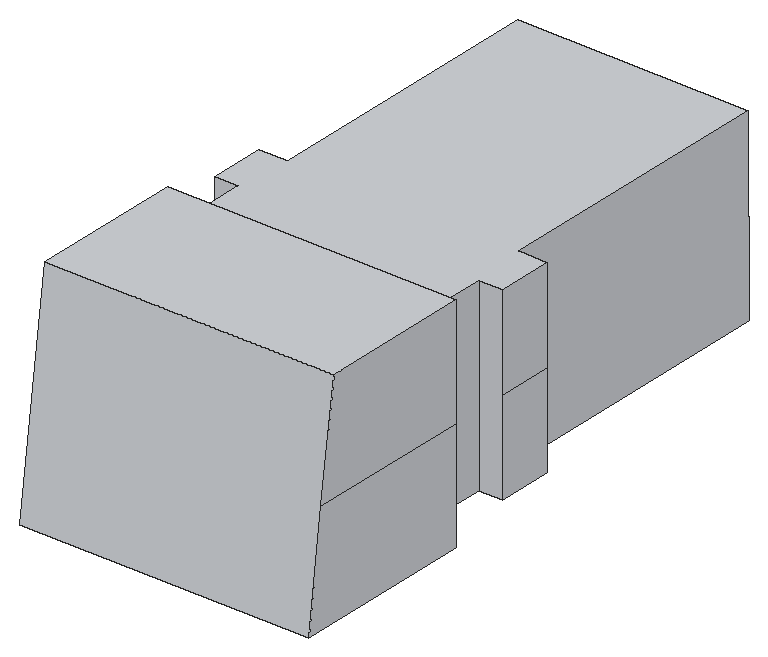
Revit family
Parameters
  Material ID = "760056002\r\n760056002"
  Description = "AFA-LC02-AQ/LP-SHUTTERED"
Reference planes (in)
  plane 1 "Center (Front/Back)": y = 0
  plane 2: z = 0
  plane 3 "Center (Left/Right)": x = 0
Forms (in)
  Extrusion 1, solid, not visible
    sketch origin (0, -14.305, 0) x (1, 0, 0) y (0, 0, 1)
      loop
        line (-8.5516, 0.86) -> (-8.5516, 0.46) -> (-7.9516, 0.46) -> (-7.9516, 0.86) -> (-8.5516, 0.86)
    from 0 to 0.77696
  Extrusion 2, solid
    sketch origin (0, 0, 0) x (1, 0, 0) y (0, 0, 1)
      loop
        line (0.305, 0) -> (0.305, 0.235) -> (-0.305, 0.235) -> (-0.305, -0.235) -> (0.305, -0.235) -> (0.305, 0)
    from 0 to 1.24
  Extrusion 3, void
    sketch origin (0, 0, 0) x (1, 0, 0) y (0, 1, 0)
      loop
        line (-0.38244, -0.85) -> (-0.255, -0.85) -> (-0.255, -0.72647) -> (-0.305, -0.72647) -> (-0.305, -0.60838) -> (-0.24392, -0.60838) -> (-0.24392, 0.06724) -> (-0.38244, 0.06724) -> (-0.38244, -0.85)
      loop
        line (0.41535, -0.85) -> (0.41535, 0.06724) -> (0.24392, 0.06724) -> (0.24392, -0.60838) -> (0.305, -0.60838) -> (0.305, -0.72647) -> (0.255, -0.72647) -> (0.255, -0.85) -> (0.41535, -0.85)
    from -0.47828 to 12
  Extrusion 4, void
    sketch origin (0, 0, 0) x (1, 0, 0) y (0, 0, 1)
      loop
        line (0.305, 0.235) -> (-0.305, 0.235) -> (-0.305, 0.19892) -> (0.305, 0.19892) -> (0.305, 0.235)
      loop
        line (0.305, -0.235) -> (0.305, -0.19944) -> (-0.305, -0.19944) -> (-0.305, -0.235) -> (0.305, -0.235)
    from 0 to 0.85
  Extrusion 5, void
    sketch origin (0, 0, 0) x (0, 1, 0) y (0, 0, 1)
      loop
        line (-1.24, -0.235) -> (-1.17395, 0.235) -> (-1.24, 0.235) -> (-1.24, -0.235)
    from -0.59774 to 12
  Extrusion 6, void
    sketch origin (0, 0, 0) x (1, 0, 0) y (0, 0, 1)
      loop
        line (0.20717, 0.17379) -> (0.06439, 0.17379) -> (0.06439, -0.16361) -> (0.20717, -0.16361) -> (0.20717, 0.17379)
      loop
        line (-0.19618, 0.17379) -> (-0.19618, -0.16209) -> (-0.06439, -0.16209) -> (-0.06439, 0.17379) -> (-0.19618, 0.17379)
    from 0 to 1.00185
Cuts and joins
  Extrusion 3, Extrusion 4, Extrusion 5, Extrusion 6 cuts Extrusion 2
